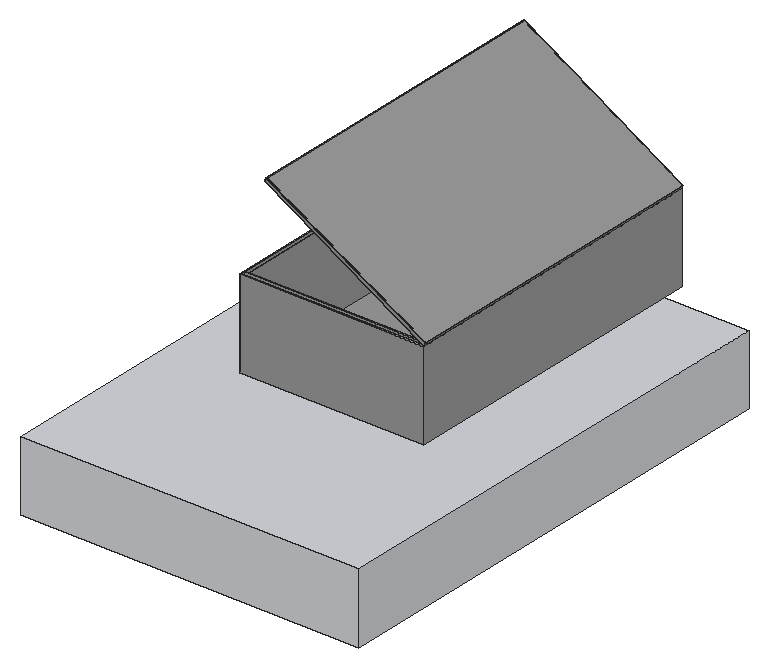
Revit family "Hager-Univers-IP55-D400-H1400-Cl.I-Steel_encl-CH-en", category Equipement électrique, Revit 2020
Family settings
  Hôte = Face
  Configuration du panneau = Deux colonnes, circuits au sein
  Cote de connecteur circulaire = Utiliser le diamètre
  Type d'élément = Tableau de raccordement
  Couper avec des vides une fois chargée = Non
  Partagée = Non
  Point de calcul de pièce = Non
Parameters (values of type "Surface mounted (plaster) IP55 W800 H1400 D400  - FR93G")
  Width Control [instance] = if([EF000008 - Width] > Min Width, [EF000008 - Width], Min Width)  # 800 mm
  Commentaires du type = [HG000003 - Range]  # "Univers"
  Thickness Door [instance] = if([EF009171 - Material plate thickness door/cover] > 3 mm, 3 mm, [EF009171 - Material plate thickness door/cover])  # 1.5 mm
  Seal Frame Offset [instance] = 17 mm  # constant formula
  Plinth Visibility [instance] = [HG000027 - Plinth height] > 0 mm  # no
  Model = ""
  Min Width [instance] = 100 mm  # constant formula
  Min Height [instance] = 100 mm  # constant formula
  Min Depth [instance] = (2 * [EF009170 - Material plate thickness cabinet]) + 1 mm  # 4 mm
  Internal Frame Depth [instance] = (Door System Depth * 0.5)  # 9 mm
  Height Control [instance] = if([EF000040 - Height] > Min Height, [EF000040 - Height], Min Height)  # 1400 mm
  HG000027 - Plinth height = 0 mm
  HG000026 - Floor standing = no
  HG000024 - Bottom section height = 800 mm
  HG000023 - Double section enclosure = no
  HG000016 - Door 3d visibility [instance] = yes
  HG000015 - Clearance visibility [instance] = no
  HG000014 - Door on the right [instance] = yes
  HG000013 - Door on the left [instance] = not([HG000014 - Door on the right])  # no
  HG000012 - Door swing angle [instance] = 30.00°
  HG000010 - Asymmetric doors = no
  HG000009 - Double swing door = no
  HG000006 - Flush mounted = no
  HG000004 - Manufacturer reference = "FR93G"
  HG000003 - Range = "Univers"
  HG000002 - With door or cover = yes
  Frame Offset Bottom [instance] = 10 mm  # constant formula
  Frame Offset [instance] = 15 mm  # constant formula
  EF015940 - Cover with overpressure release = no
  EF011959 - Degree of protection (NEMA) = ""
  EF009554 - Number of openings for flange plates = 6
  EF009212 - Cover model = "EV000116 - Closed"
  EF009171 - Material plate thickness door/cover = 1.5 mm
  EF009170 - Material plate thickness cabinet = 1.5 mm
  Fabricant = "Hager"  # constant formula
  EF008873 - Nominal current (In) = 800 A
  EF007800 - Suitable for lightning protection = no
  EF006306 - With lock = no
  EF006244 - Transparent cover/door = no
  EF005474 - Degree of protection (IP) = "EV006420 - IP55"
  EF004464 - Type of door = "EV002646 - Single"
  EF004427 - Number of modules = 324
  EF004293 - Impact strength = "EV008784 - IK10"
  EF003532 - Suitable for outdoor use = no
  EF002950 - Width in number of modular spacings = 24
  EF001613 - Circuit integrity = "EV000494 - None"
  EF001596 - Material housing = "EV000179 - Steel"
  EF001131 - Internal depth = 400 mm
  EF001088 - Extension possible = yes
  EF000437 - Number of conduit inlets = 6
  EF000339 - Type of cover = "EV004216 - Door"
  EF000266 - Number of rows = 9
  EF000218 - Built-in depth = 0 mm
  EF000118 - With mounting plate = no
  EF000116 - RAL-number = "7035"
  EF000049 - Depth = 400 mm
  EF000040 - Height = 1400 mm
  EF000008 - Width = 800 mm
  EF000007 - Colour = "EV000270 - Grey"
  EF000003 - Mounting method = "EV000384 - Surface mounted (plaster)"
  Door System Leaf Tolerance [instance] = 1.5 mm  # constant formula
  Door System Depth [instance] = 18 mm  # constant formula
  Door Height [instance] = Height Control - [HG000027 - Plinth height]  # 1400 mm
  Depth Control [instance] = if([EF000049 - Depth] > Min Depth, [EF000049 - Depth], Min Depth)  # 400 mm
  Default Elevation = 0 mm
  Connector Offset [instance] = Height Control / 2  # 700 mm
  Bottom Top Plate Trim [instance] = 1.5 mm  # constant formula
  Plinth height Ctrl [instance] = if([HG000027 - Plinth height] > 0 mm, [HG000027 - Plinth height], 12 mm)  # 12 mm
Types (3, lengths in mm): name | Width Control | HG000009 - Double swing door | HG000004 - Manufacturer reference | EF009554 - Number of openings for flange plates | EF004464 - Type of door | EF004427 - Number of modules | EF000437 - Number of conduit inlets | EF000008 - Width
  Surface mounted (plaster) IP55 W1050 H1400 D400  - FR94G | 1050 | yes | "FR94G" | 8 | "EV003602 - Double" | 432 | 8 | 1050
  Surface mounted (plaster) IP55 W550 H1400 D400  - FR92G | 550 | no | "FR92G" | 4 | "EV002646 - Single" | 216 | 4 | 550
  Surface mounted (plaster) IP55 W800 H1400 D400  - FR93G | 800 | no | "FR93G" | 6 | "EV002646 - Single" | 324 | 6 | 800
Reference planes
  plane 1 "Center (Front/Back)": y = 0
  plane 2: z = 0
  plane 3 "Center (Left/Right)": x = 0
  plane 4: z = 400
  plane 5: y = 1.5
  plane 6: y = 700
  plane 7: y = 0
  plane 8: y = 1400
  plane 9: z = 0
  plane 10: x = -385
  plane 11: x = 385
  plane 12: x = 383.5
  plane 13: x = -383.5
  plane 14: y = 1398.5
  plane 15: x = -383
  plane 16: x = -400
  plane 17: x = 383
  plane 18: x = 400
  plane 19: x = 398.5
  plane 20: x = -398.5
  plane 21: y = 11.5
  plane 22: y = 1400
  plane 23: y = 1383.5
  plane 24: z = 382
  plane 25: z = 1.5
  plane 26: z = 380.5
  plane 27: z = 398.5
Forms (mm)
  Extrusion 1, solid
    sketch origin (0, 0, 0) x (1, 0, 0) y (0, 1, 0)
      loop
        line (-702.964, 1305) -> (-702.964, -811.445) -> (766.763, -811.445) -> (766.763, 1305) -> (-702.964, 1305)
    from 0 to -304.8
  Extrusion 2, solid, material "Hager_Steel_RAL7035_Light_Grey", visible <- "Plinth Visibility", detail levels medium+fine
    sketch origin (0, 0, 0) x (1, 0, 0) y (0, 1, 0)
      loop
        line (-400, 0) -> (400, 0) -> (400, 12) -> (-400, 12) -> (-400, 0)
    from 0 to 382
  Extrusion 3, solid, material "Hager_Steel_RAL7035_Light_Grey", detail levels medium+fine
    sketch origin (0, 0, 0) x (1, 0, 0) y (0, 1, 0)
      loop
        line (-400, 0) -> (400, 0) -> (400, 1400) -> (-400, 1400) -> (-400, 0)
    from 0 to 382
  Extrusion 4, void
    sketch origin (0, 0, 0) x (1, 0, 0) y (0, 1, 0)
      loop
        line (-398.5, 1.5) -> (398.5, 1.5) -> (398.5, 1398.5) -> (-398.5, 1398.5) -> (-398.5, 1.5)
    from 1.5 to 380.5
  Extrusion 5, void
    sketch origin (-381.607, -4572, 382) x (0, -1, 0) y (-1, 0, 0)
      loop
        line (-4583.5, 1.893) -> (-5955.5, 1.893) -> (-5955.5, -765.107) -> (-4583.5, -765.107) -> (-4583.5, 1.893)
    from 0 to 1.5 <- "EF009170 - Material plate thickness cabinet"
  Extrusion 6, solid, material "Hager_Steel_RAL7035_Light_Grey", detail levels fine
    sketch origin (0, 0, 382) x (1, 0, 0) y (0, 1, 0)
      loop
        line (-383.5, 1383.5) -> (-383.5, 11.5) -> (383.5, 11.5) -> (383.5, 1383.5) -> (-383.5, 1383.5)
      loop
        line (-385, 10) -> (385, 10) -> (385, 1385) -> (-385, 1385) -> (-385, 10)
    from 0 to 9 <- "Internal Frame Depth"
  Extrusion 7, solid, material "Hager_Steel_RAL7035_Light_Grey", detail levels coarse
    sketch origin (0, 0, 0) x (1, 0, 0) y (0, 1, 0)
      loop
        line (-400, 0) -> (400, 0) -> (400, 1400) -> (-400, 1400) -> (-400, 0)
    from 0 to 400
  Sweep 8, void
    path in 3D
      loop
        line (-400, 12, 0) -> (400, 12, 0) -> (400, 12, 382) -> (-400, 12, 382) -> (-400, 12, 0)
    profile origin (-400, 12, 191) x (-1, 0, 0) y (0, -1, 0)
      loop
        line (0, 0) -> (0, 1.5) -> (-1.5, 1.5)
        arc (-1.5, 1.5) -> (-1.061, 0.439) -> (0, 0) r 1.5
Cuts and joins
  Extrusion 4, Extrusion 5 cuts Extrusion 3
  Sweep 8 cuts Extrusion 2
Lines and regions (mm)
  Masking region 1
    outline origin (0, 0, 0) x (1, 0, 0) y (0, 0, 1)
      loop
        line (-400, 400) -> (-400, 0) -> (400, 0) -> (400, 400) -> (-400, 400)
  Masking region 2, detail levels medium+fine
    outline origin (0, 140, 0) x (0, 1, 0) y (0, 0, 1)
      loop
        line (-140, 0) -> (1260, 0) -> (1260, 382) -> (-140, 382) -> (-140, 0)
  Masking region 3, not visible, detail levels medium+fine
    outline origin (0, 297.922, 0) x (0, 1, 0) y (0, 0, 1)
      loop
        line (413.578, 0) -> (453.578, 0) -> (453.578, 388.5)
        arc (453.578, 388.5) -> (450.649, 395.571) -> (443.578, 398.5) r 10
        line (443.578, 398.5) -> (413.578, 398.5) -> (413.578, 0)
  Masking region 4, detail levels coarse
    outline origin (0, 0, 180) x (0, 1, 0) y (0, 0, 1)
      loop
        line (0, -180) -> (1400, -180) -> (1400, 220) -> (0, 220) -> (0, -180)
  Masking region 5, visible <- "Plinth Visibility", detail levels medium+fine
    outline origin (0, 52.24, 12.345) x (0, 0, -1) y (0, 1, 0)
      loop
        line (10.845, -40.24) -> (-368.155, -40.24)
        arc (-368.155, -40.24) -> (-368.594, -41.301) -> (-369.655, -41.74) r 1.5
        line (-369.655, -41.74) -> (-369.655, -52.24) -> (12.345, -52.24) -> (12.345, -41.74)
        arc (12.345, -41.74) -> (11.285, -41.301) -> (10.845, -40.24) r 1.5
  Masking region 6, detail levels medium+fine
    outline origin (-381.607, -4572, 382) x (-1, 0, 0) y (0, -1, 0)
      loop
        line (18.393, -5972) -> (18.393, -4572) -> (-781.607, -4572) -> (-781.607, -5972) -> (18.393, -5972)
  Masking region 7, visible <- "Plinth Visibility", detail levels medium+fine
    outline origin (-381.607, -4727, 382) x (-1, 0, 0) y (0, -1, 0)
      loop
        arc (16.893, -4739) -> (17.332, -4737.939) -> (18.393, -4737.5) r 1.5
        line (18.393, -4737.5) -> (18.393, -4727) -> (-781.607, -4727) -> (-781.607, -4737.5)
        arc (-781.607, -4737.5) -> (-780.546, -4737.939) -> (-780.107, -4739) r 1.5
        line (-780.107, -4739) -> (16.893, -4739)
  Masking region 8, detail levels coarse
    outline origin (-442.548, -4669.526, 382) x (-1, 0, 0) y (0, -1, 0)
      loop
        line (-42.548, -6069.526) -> (-42.548, -4669.526) -> (-842.548, -4669.526) -> (-842.548, -6069.526) -> (-42.548, -6069.526)
  sketch lines
    curve 1: line (-400, 12, 382) -> (-400, 12, 0)
    curve 2: line (400, 12, 382) -> (-400, 12, 382)
    curve 3: line (400, 12, 382) -> (400, 12, 0)
    curve 4: line (-400, 12, 0) -> (400, 12, 0)
Dimensions and locks
  "Depth Control": plane 4 to Extrusion 1
  "HG000027 - Plinth height": plane 1 "Center (Front/Back)" to plane 7
  "EF009170 - Material plate thickness cabinet": plane 5 to plane 7
  locked: connector elem to plane 3 "Center (Left/Right)"
  equal spacing: plane 8, plane 6, plane 7
  locked: connector elem to plane 6
  "EF009170 - Material plate thickness cabinet": plane 8 to plane 14
  "EF009170 - Material plate thickness cabinet": plane 10 to plane 13
  "EF009170 - Material plate thickness cabinet": plane 12 to plane 11
  "Frame Offset": plane 20 to plane 13
  "Frame Offset": plane 12 to plane 19
  "EF009170 - Material plate thickness cabinet": plane 16 to plane 20
  "EF009170 - Material plate thickness cabinet": plane 19 to plane 18
  "Seal Frame Offset": plane 16 to plane 15
  "Seal Frame Offset": plane 17 to plane 18
  "Frame Offset Bottom": plane 21 to plane 5
  "Frame Offset": plane 14 to plane 23
  equal spacing: plane 16, plane 3 "Center (Left/Right)", plane 18
  "Width Control": plane 16 to plane 18
  "EF009170 - Material plate thickness cabinet": plane 4 to plane 27
  "EF009170 - Material plate thickness cabinet": plane 24 to plane 26
  "EF009170 - Material plate thickness cabinet": plane 25 to level
  "Door System Depth": plane 4 to plane 24
  "Height Control": plane 1 "Center (Front/Back)" to Extrusion 7 sketch curve
  "Height Control": Masking region 4 sketch curve to plane 1 "Center (Front/Back)"
  "Height Control": plane 1 "Center (Front/Back)" to plane 22
  "Bottom Top Plate Trim": profile plane to Sweep 8 sketch curve
  "Bottom Top Plate Trim": Sweep 8 sketch curve to profile plane
  "Plinth height Ctrl": plane 1 "Center (Front/Back)" to Extrusion 2 sketch curve
  "Plinth height Ctrl": Masking region 5 sketch curve to plane 1 "Center (Front/Back)"
  "Plinth height Ctrl": plane 1 "Center (Front/Back)" to Masking region 7 sketch curve
  "Thickness Door": Extrusion 6 sketch curve to Extrusion 6 sketch curve  (x3)
  "Thickness Door": cut or joined group of Extrusion 3, Extrusion 4, Extrusion 5 to Extrusion 6 sketch curve
  radius of Masking region 3 sketch curve = 10 mm
  "Bottom Top Plate Trim": radius of Masking region 5 sketch curve  (x2)
  "Bottom Top Plate Trim": radius of Sweep 8 sketch curve
  "Bottom Top Plate Trim": radius of Masking region 7 sketch curve  (x2)
  aligned and locked: plane 2 to Extrusion 1
  aligned and locked: level to Extrusion 1
  aligned and locked: level to Masking region 1 sketch curve
  aligned and locked: Masking region 1 sketch curve to plane 18
  aligned and locked: Masking region 1 sketch curve to plane 16
  aligned and locked: plane 7 to Masking region 2 sketch curve
  aligned and locked: level to Masking region 3 sketch curve
  aligned and locked: Masking region 3 sketch curve to plane 27
  aligned and locked: level to Masking region 2 sketch curve
  aligned and locked: plane 1 "Center (Front/Back)" to Extrusion 2 sketch curve
  aligned and locked: Extrusion 3 sketch curve to plane 7
  aligned and locked: plane 16 to Extrusion 3 sketch curve
  aligned and locked: plane 18 to Extrusion 3 sketch curve
  aligned and locked: plane 20 to Extrusion 4 sketch curve
  aligned and locked: plane 19 to Extrusion 4 sketch curve
  aligned and locked: Extrusion 4 sketch curve to plane 5
  aligned and locked: Extrusion 4 to plane 25
  aligned and locked: plane 26 to Extrusion 4
  aligned and locked: plane 24 to Extrusion 3
  aligned and locked: Extrusion 5 sketch curve to plane 21
  aligned and locked: Extrusion 5 sketch curve to plane 13
  aligned and locked: Extrusion 5 sketch curve to plane 12
  aligned and locked: plane 18 to Extrusion 7 sketch curve
  aligned and locked: plane 1 "Center (Front/Back)" to Extrusion 7 sketch curve
  aligned and locked: plane 16 to Extrusion 7 sketch curve
  aligned and locked: plane 4 to Extrusion 7
  aligned and locked: Extrusion 7 to level
  aligned and locked: level to Masking region 4 sketch curve
  aligned and locked: Masking region 4 sketch curve to plane 1 "Center (Front/Back)"
  aligned and locked: Masking region 4 sketch curve to plane 4
  aligned and locked: nested 1 to level
  aligned and locked: nested 1 to plane 16
  aligned and locked: plane 8 to Extrusion 3 sketch curve
  aligned and locked: plane 23 to Extrusion 5 sketch curve
  aligned and locked: plane 14 to Extrusion 4 sketch curve
  aligned and locked: Masking region 2 sketch curve to plane 8
  aligned and locked: level to Masking region 5 sketch curve
  aligned and locked: plane 16 to Extrusion 2 sketch curve
  aligned and locked: plane 18 to Extrusion 2 sketch curve
  aligned and locked: Masking region 5 sketch curve to plane 24
  aligned and locked: Masking region 2 sketch curve to plane 24
  aligned and locked: plane 24 to Extrusion 2
  aligned and locked: profile plane to Sweep 8 sketch curve  (x2)
  aligned and locked: Masking region 6 sketch curve to plane 18
  aligned and locked: Masking region 6 sketch curve to plane 22
  aligned and locked: Masking region 6 sketch curve to plane 16
  aligned and locked: plane 8 to plane 22
  aligned and locked: Masking region 6 sketch curve to plane 7
  aligned and locked: Masking region 7 sketch curve to plane 16
  aligned and locked: Masking region 7 sketch curve to plane 1 "Center (Front/Back)"
  aligned and locked: Masking region 7 sketch curve to plane 18
  aligned and locked: Masking region 8 sketch curve to plane 1 "Center (Front/Back)"
  aligned and locked: Masking region 8 sketch curve to plane 18
  aligned and locked: Masking region 8 sketch curve to plane 22
  aligned and locked: Masking region 8 sketch curve to plane 16
  aligned and locked: nested 2 to plane 7
  aligned and locked: plane 3 "Center (Left/Right)" to nested 2
  aligned and locked: nested 2 to plane 24
  aligned and locked: Extrusion 6 sketch curve to cut or joined group of Extrusion 3, Extrusion 4, Extrusion 5  (x4)
Automatic sketch dimensions
  Extrusion 1 sketch curve to Extrusion 1 sketch curve = 1469.727 mm
  Extrusion 1 sketch curve to Extrusion 1 sketch curve = 2116.445 mm
  Masking region 1 sketch curve to plane 4 = 0 mm
  plane 6 to Masking region 3 sketch curve = 11.5 mm
  Masking region 3 sketch curve to Masking region 3 sketch curve = 30 mm
  Masking region 5 sketch curve to plane 1 "Center (Front/Back)" = 0 mm
Nested families
  nested 1: "Hager_Enclosure_Symbol" at (-400, 0, 0) x (1, 0, 0) z (0, -1, 0), Height <- "Depth Control", Width <- "Width Control", type "Hager_Enclosure_Symbol"
    with Width_Ctrl 800 mm, Width 800 mm, Height_Ctrl 400 mm, Height 400 mm, A_Width_Int 26.25 mm, A_Width 315 mm, A_Height_Ctrl 350 mm, A_Height 350 mm
  nested 2: "EC000058_Univers_Door" at (0, 0, 382) x (1, 0, 0) z (0, 1, 0), Leaf_Tolerance <- "Door System Leaf Tolerance", Angle <- "HG000012 - Door swing angle", Door_Depth <- "Door System Depth", Door_Left <- "HG000013 - Door on the left", Transparent <- "EF006244 - Transparent cover/door", Assymetrical <- "HG000010 - Asymmetric doors", Width <- "Width Control", Clearance <- "HG000015 - Clearance visibility", Double <- "HG000009 - Double swing door", 3d_Door <- "HG000016 - Door 3d visibility", Lock_Visibility <- "EF006306 - With lock", Width_Ctrl <- "Width Control", Door_Right <- "HG000014 - Door on the right", Door <- "HG000002 - With door or cover", Height <- "Door Height", Thickness <- "Thickness Door", type "EC000058_Univers_Door", detail levels medium+fine
    with min_wh 4 mm, Width_Ctrl 800 mm, Width 800 mm, Transparent no, Thickness 1.5 mm, Seal_Material Hager_Rubber, Lock_Visibility no, Lock_Material Hager_Plastic_RAL9005_Jet_Black, Leaf_Width 800 mm, Leaf_Tolerance_External_Sides 0 mm, Leaf_Tolerance 1.5 mm, Leaf_Offset 0 mm, Leaf_Height 1397 mm, Leaf_2_Width 800 mm, Leaf_2_Offset 400 mm, Leaf_1_Width 800 mm, Leaf_1_Offset 400 mm, Height_Ctrl 1400 mm, Height 1400 mm, Glass_Material Hager_Glass, Double_Clearance_Ctrl no, Double no, Door_Right_Ctrl yes, Door_Right yes, Door_Material Hager_Steel_RAL7035_Light_Grey, Door_Left_Ctrl no, Door_Left no, Door_Depth 18 mm, Door yes, Clearance_Material Hager_Clearance, Clearance_Depth 800 mm, Clearance_Ctrl no, Clearance no, Assymetrical no, Angle 30.00°, 3d_Door yes
Connectors
  electrical at (0, 700, 0)
    settings: on plane 9, index 1, voltage 0 V, apparent load 0 VA, apparent load phase1 0 VA, apparent load phase2 0 VA, apparent load phase3 0 VA, power factor 1, load classification "Other", number of poles 1, system type 30, power factor state 1, is connector primary yes, connector utility no, sub classification motor no, connector description ""
Definition of nested family "EC000058_Univers_Door"
  Parameters (values of type "EC000058_Univers_Door")
    min_wh [instance] = (2 * Thickness) + 1 mm  # 11 mm
    Width_Ctrl [instance] = 400 mm
    Width [instance] = 500 mm
    Transparent [instance] = yes
    Thickness [instance] = 5 mm
    Seal_Material [instance] = none
    Lock_Visibility [instance] = yes
    Lock_Material [instance] = none
    Leaf_Width [instance] = if((Width_Ctrl - 2 * Leaf_Tolerance_External_Sides) > 0 mm, (Width_Ctrl - 2 * Leaf_Tolerance_External_Sides), min_wh)  # 400 mm
    Leaf_Tolerance_External_Sides [instance] = 0 mm  # constant formula
    Leaf_Tolerance [instance] = 1.5 mm
    Leaf_Offset [instance] = 0 mm  # constant formula
    Leaf_Height [instance] = if((Height_Ctrl - 2 * Leaf_Tolerance) > 0 mm, (Height_Ctrl - 2 * Leaf_Tolerance), min_wh)  # 497 mm
    Leaf_2_Width [instance] = if(and(and(Double, Assymetrical), Door_Left), (Leaf_Width / 3) - (Leaf_Tolerance / 2), if(and(and(Double, Assymetrical), Door_Right), (Leaf_Width / 3) * 2 - (Leaf_Tolerance / 2), if(and(Double, not(Assymetrical)), (Leaf_Width / 2) - Leaf_Tolerance, Leaf_Width)))  # 400 mm
    Leaf_2_Offset [instance] = if(and(Double, Assymetrical), Leaf_2_Width / 2, if(and(Double, not(Assymetrical)), Leaf_Width / 4, Leaf_Width / 2))  # 200 mm
    Leaf_1_Width [instance] = if(and(and(Double, Assymetrical), Door_Right), (Leaf_Width / 3) - (Leaf_Tolerance / 2), if(and(and(Double, Assymetrical), Door_Left), (Width / 3) * 2 - (Leaf_Tolerance / 2), if(and(Double, not(Assymetrical)), (Leaf_Width / 2) - Leaf_Tolerance, Leaf_Width)))  # 400 mm
    Leaf_1_Offset [instance] = if(and(Double, Assymetrical), Leaf_1_Width / 2, if(and(Double, not(Assymetrical)), Leaf_Width / 4, Leaf_Width / 2))  # 200 mm
    Height_Ctrl [instance] = if(Height > min_wh, Height, min_wh)  # 500 mm
    Height [instance] = 500 mm
    Glass_Material [instance] = none
    Double_Clearance_Ctrl [instance] = and(Double, Clearance)  # no
    Double [instance] = no
    Door_Right_Ctrl [instance] = and(or(Door_Right, Double), Door)  # yes
    Door_Right [instance] = yes
    Door_Material [instance] = none
    Door_Left_Ctrl [instance] = and(or(Door_Left, Double), Door)  # no
    Door_Left [instance] = no
    Door_Depth [instance] = 30 mm
    Door [instance] = yes
    Default Elevation = 1219.2 mm
    Clearance_Material [instance] = none
    Clearance_Depth [instance] = if(Leaf_1_Width > Leaf_2_Width, Leaf_1_Width, Leaf_2_Width)  # 400 mm
    Clearance_Ctrl [instance] = and(not(Double), Clearance)  # yes
    Clearance [instance] = yes
    Assymetrical [instance] = yes
    Angle [instance] = 30.00°
    3d_Door [instance] = yes
  Reference planes
    plane 1 "Center (Front/Back)": y = 0
    plane 2 "Bottom": z = 0
    plane 3 "Center (Left/Right)": x = 0
    plane 4: z = 500
    plane 5: x = -200
    plane 6: x = 200
    plane 7: z = 500
    plane 8: x = -200
    plane 9: z = 0
    plane 10: x = 200
    plane 11: y = 0
    plane 12: z = 1.5
    plane 13: x = -600
    plane 14: y = -400
    plane 15: x = 600
    plane 16: x = 0
    plane 17: x = 0
    plane 18: x = -200
    plane 19: x = 200
    plane 20: z = 498.5
  Forms (mm)
    Extrusion 1, solid, material <- "Clearance_Material", visible <- "Double_Clearance_Ctrl"
      sketch origin (1200, 0, 0) x (1, 0, 0) y (0, 0, -1)
        loop
          line (-1800, -498.5) -> (-600, -498.5) -> (-600, 0) -> (-1800, 0) -> (-1800, -498.5)
      from 0 to -400
  Dimensions and locks
    equal spacing: plane 5, plane 3 "Center (Left/Right)", plane 6
    "Width_Ctrl": plane 5 to plane 6
    "Leaf_Offset": plane 5 to plane 8
    "Leaf_Offset": plane 6 to plane 10
    "Leaf_Offset": plane 9 to level
    "Leaf_Offset": plane 4 to plane 7
    "Height_Ctrl": plane 4 to level
    "Leaf_Tolerance": plane 12 to plane 9
    locked: plane 11 to plane 1 "Center (Front/Back)"
    "Leaf_1_Offset": plane 18 to plane 16
    "Leaf_2_Offset": plane 17 to plane 19
    "Leaf_1_Width": plane 13 to plane 8
    "Leaf_2_Width": plane 10 to plane 15
    "Clearance_Depth": plane 14 to plane 1 "Center (Front/Back)"
    "Leaf_Tolerance_External_Sides": plane 8 to plane 18
    "Leaf_Tolerance_External_Sides": plane 19 to plane 10
    "Leaf_Tolerance": plane 7 to plane 20
    aligned and locked: level to plane 2 "Bottom"
    aligned and locked: nested 1 to plane 16
    aligned and locked: nested 2 to plane 17
    aligned and locked: Extrusion 1 to plane 13
    aligned and locked: plane 15 to Extrusion 1
    aligned and locked: Extrusion 1 to plane 14
    aligned and locked: plane 12 to nested 1
    aligned and locked: nested 2 to plane 12
    aligned and locked: Extrusion 1 to plane 11
    aligned and locked: plane 20 to Extrusion 1
    aligned and locked: nested 2 to plane 11
    aligned and locked: nested 1 to plane 11
  Automatic sketch dimensions
    Extrusion 1 sketch curve to level = 0 mm
    plane 5 to Extrusion 1 sketch curve = 400 mm
    plane 6 to Extrusion 1 sketch curve = 400 mm
    Extrusion 1 sketch curve to plane 4 = 1.5 mm
  Nested families
    nested 1: "EC000058_Univers_Door_Leaf" at (0, 0, 1.5), Width <- "Leaf_1_Width", visible <- "Door_Left_Ctrl", Leaf_Height <- "Leaf_Height", Angle <- "Angle", 3d_Door <- "3d_Door", Transparent <- "Transparent", Clearance Material <- "Clearance_Material", Clearance <- "Clearance_Ctrl", Door_Material <- "Door_Material", Glass_Material <- "Glass_Material", Door_Depth <- "Door_Depth", Lock_Material <- "Lock_Material", Seal_Material <- "Seal_Material", Lock_Visibility <- "Lock_Visibility", Thickness <- "Thickness", type "EC000058_Univers_Door_Leaf"
      with Width 400 mm, Transparent_Glass_Offset 30 mm, Transparent_Ctrl yes, Transparent yes, Thickness 5 mm, Standard no, Seal_Material none, Seal_D2 8 mm, Seal_D1 1 mm, Offset_Internal_Frame 10 mm, Lock_Width 20 mm, Lock_Visibility_3d yes, Lock_Visibility yes, Lock_Thickness_3 3 mm, Lock_Thickness_2 1 mm, Lock_Thickness_1 3 mm, Lock_Radius_Offset_2 16 mm, Lock_Radius_Offset_1 15 mm, Lock_Radius_2 5 mm, Lock_Radius 6 mm, Lock_Offset 5 mm, Lock_Material none, Lock_Height 80 mm, Lock_Cover_Top_Offset_2d 17 mm, Lock_Cover_Height -65 mm, Leaf_Height 497 mm, Internal_Seal_Thickness 8 mm, Internal_Seal_Depth_2 4.5 mm, Internal_Frame_Depth 25 mm, Glass_Thickness -1 mm, Glass_Offset -2 mm, Glass_Material none, Door_Material none, Door_Depth 30 mm, Clearance Material none, Clearance yes, Angle_Ctrl 30.00°, Angle 30.00°, 3d_Door yes
    nested 2: "EC000058_Univers_Door_Leaf" at (0, 0, 1.5) x (-1, 0, 0) z (0, 0, 1), Width <- "Leaf_2_Width", visible <- "Door_Right_Ctrl", Leaf_Height <- "Leaf_Height", Angle <- "Angle", 3d_Door <- "3d_Door", Transparent <- "Transparent", Clearance Material <- "Clearance_Material", Clearance <- "Clearance_Ctrl", Door_Material <- "Door_Material", Glass_Material <- "Glass_Material", Door_Depth <- "Door_Depth", Lock_Material <- "Lock_Material", Seal_Material <- "Seal_Material", Lock_Visibility <- "Lock_Visibility", Thickness <- "Thickness", type "EC000058_Univers_Door_Leaf"
      with Width 400 mm, Transparent_Glass_Offset 30 mm, Transparent_Ctrl yes, Transparent yes, Thickness 5 mm, Standard no, Seal_Material none, Seal_D2 8 mm, Seal_D1 1 mm, Offset_Internal_Frame 10 mm, Lock_Width 20 mm, Lock_Visibility_3d yes, Lock_Visibility yes, Lock_Thickness_3 3 mm, Lock_Thickness_2 1 mm, Lock_Thickness_1 3 mm, Lock_Radius_Offset_2 16 mm, Lock_Radius_Offset_1 15 mm, Lock_Radius_2 5 mm, Lock_Radius 6 mm, Lock_Offset 5 mm, Lock_Material none, Lock_Height 80 mm, Lock_Cover_Top_Offset_2d 17 mm, Lock_Cover_Height -65 mm, Leaf_Height 497 mm, Internal_Seal_Thickness 8 mm, Internal_Seal_Depth_2 4.5 mm, Internal_Frame_Depth 25 mm, Glass_Thickness -1 mm, Glass_Offset -2 mm, Glass_Material none, Door_Material none, Door_Depth 30 mm, Clearance Material none, Clearance yes, Angle_Ctrl 30.00°, Angle 30.00°, 3d_Door yes
  Definition of nested family "EC000058_Univers_Door_Leaf"
    Parameters (values of type "EC000058_Univers_Door_Leaf")
      Width [instance] = 2000 mm
      Transparent_Glass_Offset [instance] = 30 mm
      Transparent_Ctrl [instance] = and(Transparent, [3d_Door])  # yes
      Transparent [instance] = yes
      Thickness [instance] = 5 mm
      Standard [instance] = and(not(Transparent), [3d_Door])  # no
      Seal_Material [instance] = none
      Seal_D2 [instance] = 8 mm  # constant formula
      Seal_D1 [instance] = 1 mm  # constant formula
      Offset_Internal_Frame [instance] = 10 mm  # constant formula
      Lock_Width [instance] = 20 mm  # constant formula
      Lock_Visibility_3d [instance] = and(Lock_Visibility, [3d_Door])  # yes
      Lock_Visibility [instance] = yes
      Lock_Thickness_3 [instance] = 3 mm  # constant formula
      Lock_Thickness_2 [instance] = 1 mm  # constant formula
      Lock_Thickness_1 [instance] = 3 mm  # constant formula
      Lock_Radius_Offset_2 [instance] = Lock_Radius_Offset_1 + 1 mm  # 16 mm
      Lock_Radius_Offset_1 [instance] = 15 mm  # constant formula
      Lock_Radius_2 [instance] = Lock_Radius - 1 mm  # 5 mm
      Lock_Radius [instance] = 6 mm  # constant formula
      Lock_Offset [instance] = 5 mm  # constant formula
      Lock_Material [instance] = none
      Lock_Height [instance] = 80 mm  # constant formula
      Lock_Cover_Top_Offset_2d [instance] = Lock_Radius_Offset_2 + 1 mm  # 17 mm
      Lock_Cover_Height [instance] = -(Lock_Height - Lock_Radius_Offset_1)  # -65 mm
      Leaf_Height [instance] = 2720.336 mm
      Internal_Seal_Thickness [instance] = 8 mm  # constant formula
      Internal_Seal_Depth_2 [instance] = 4.5 mm  # constant formula
      Internal_Frame_Depth [instance] = if(Door_Depth - Thickness > 5 mm, Door_Depth - Thickness, 5 mm)  # 25 mm
      Glass_Thickness [instance] = if(Thickness > 15 mm, Glass_Offset + 10 mm, -1 mm)  # -1 mm
      Glass_Offset [instance] = if(Thickness > 15 mm, -(Thickness + 10 mm) / 2, -2 mm)  # -2 mm
      Glass_Material [instance] = none
      Door_Material [instance] = none
      Door_Depth [instance] = 30 mm
      Default Elevation = 0 mm
      Clearance Material [instance] = none
      Clearance [instance] = yes
      Angle_Ctrl [instance] = if(Angle > 180.00°, 180.00°, Angle)  # 90.00°
      Angle [instance] = 90.00°
      3d_Door [instance] = yes
    Reference planes
      plane 1 "Center (Front/Back)": y = 0
      plane 2: z = 0
      plane 3 "Center (Left/Right)": x = 0
      plane 4: y = 2000
      plane 5: x = -1000
      plane 6: x = 1000
      plane 7: x = -3000
      plane 8: z = 2720.336
      plane 9: z = 30
      plane 10: z = 2690.336
      plane 11: x = 970
      plane 12: x = -970
      plane 13: y = -3
      plane 14: z = 107.833
      plane 15: y = -5
      plane 16: y = -223.314
      plane 17: x = -1000
      plane 18: z = 1360.168
      plane 19: y = 30
    Forms (mm)
      Extrusion 1, solid, material <- "Clearance Material", visible <- "Clearance"
        sketch origin (0, 0, 0) x (1, 0, 0) y (0, 0, 1)
          loop
            line (-3000, 2720.336) -> (-3000, 0) -> (1000, 0) -> (1000, 2720.336) -> (-3000, 2720.336)
        from 0 to -2000
      Extrusion 2, solid, material <- "Door_Material", visible <- "Standard", detail levels medium+fine
        sketch origin (-1000, 0, 0) x (0, 1, 0) y (-1, 0, 0)
          loop
            line (0, 30) -> (0, 25) -> (2000, 25) -> (2000, 30) -> (0, 30)
        from 0 to 2720.336 <- "Leaf_Height"
      Extrusion 3, solid, material <- "Door_Material", visible <- "Transparent_Ctrl", detail levels medium+fine
        sketch origin (-1000, 0, 0) x (0, 1, 0) y (-1, 0, 0)
          loop
            line (0, 25) -> (2000, 25) -> (2000, 30) -> (0, 30) -> (0, 25)
        from 0 to 2720.336 <- "Leaf_Height"
      Extrusion 4, void
        sketch origin (-1025, 2000, 0) x (0, 1, 0) y (0, 0, -1)
          loop
            line (-30, -2690.336) -> (-30, -30) -> (-1970, -30) -> (-1970, -2690.336) -> (-30, -2690.336)
        from 0 to 5 <- "Thickness"
      Sweep 5, solid, material <- "Seal_Material", visible <- "Transparent_Ctrl", detail levels fine
        path in 3D
          loop
            line (-1025, 30, 30) -> (-1025, 30, 2690.336) -> (-1025, 1970, 2690.336) -> (-1025, 1970, 30) -> (-1025, 30, 30)
        profile origin (-1025, 1000, 30) x (1, 0, 0) y (0, 0, 1)
          loop
            line (0, 0) -> (0, -8) -> (1, -8) -> (1, 0) -> (0, 0)
      Extrusion 6, solid, material <- "Glass_Material", visible <- "Transparent_Ctrl", detail levels medium+fine
        sketch origin (-1030, 0, 0) x (0, 1, 0) y (0, 0, -1)
          loop
            line (1970, -2690.336) -> (1970, -30) -> (30, -30) -> (30, -2690.336) -> (1970, -2690.336)
        from -2 <- "Glass_Offset" to -1 <- "Glass_Thickness"
      Extrusion 7, solid, material <- "Door_Material", visible <- "3d_Door", detail levels medium+fine
        sketch origin (-1025, 2000, 0) x (0, -1, 0) y (0, 0, -1)
          loop
            line (0, -2720.336) -> (2000, -2720.336) -> (2000, 0) -> (0, 0) -> (0, -2720.336)
          loop
            line (1995, -5) -> (5, -5) -> (5, -2715.336) -> (1995, -2715.336) -> (1995, -5)
        from 0 to 25 <- "Internal_Frame_Depth"
      Sweep 8, solid, material <- "Seal_Material", visible <- "Transparent_Ctrl", detail levels fine
        path in 3D
          loop
            line (-1025, 0, 0) -> (-1025, 2000, 0) -> (-1025, 2000, 2720.336) -> (-1025, 0, 2720.336) -> (-1025, 0, 0)
        profile origin (-1025, 0, 1360.168) x (1, 0, 0) y (0, 1, 0)
          loop
            line (0, 10) -> (2.975, 10)
            arc (2.975, 10) -> (4.053, 10.447) -> (4.5, 11.525) r 1.525
            line (4.5, 11.525) -> (4.5, 16.527)
            arc (4.5, 16.527) -> (4.069, 17.569) -> (3.027, 18) r 1.473
            line (3.027, 18) -> (0, 18) -> (0, 10)
      Extrusion 9, solid, material <- "Lock_Material", visible <- "Lock_Visibility_3d", detail levels fine
        sketch origin (-1030, 0, 0) x (0, 1, 0) y (0, 0, -1)
          loop
            arc (1993.5, -1400.168) -> (1994.561, -1399.729) -> (1995, -1398.668) r 1.5
            line (1995, -1398.668) -> (1995, -1320.168) -> (1975, -1320.168) -> (1975, -1398.668)
            arc (1975, -1398.668) -> (1975.439, -1399.729) -> (1976.5, -1400.168) r 1.5
            line (1976.5, -1400.168) -> (1993.5, -1400.168)
        from 3 <- "Lock_Thickness_1" to 0
      Blend 10, solid, material <- "Lock_Material", visible <- "Lock_Visibility_3d", detail levels fine
        base sketch origin (-1033, 0, 0) x (0, 1, 0) y (0, 0, -1)
          loop
            line (1975, -1320.168) -> (1975, -1398.668)
            arc (1975, -1398.668) -> (1975.439, -1399.729) -> (1976.5, -1400.168) r 1.5
            line (1976.5, -1400.168) -> (1993.5, -1400.168)
            arc (1993.5, -1400.168) -> (1994.561, -1399.729) -> (1995, -1398.668) r 1.5
            line (1995, -1398.668) -> (1995, -1320.168) -> (1975, -1320.168)
        top sketch origin (-1033, 0, 0) x (0, 1, 0) y (0, 0, -1)
          loop
            line (1976, -1320.168) -> (1976, -1398.668)
            arc (1976, -1398.668) -> (1976.146, -1399.022) -> (1976.5, -1399.168) r 0.5
            line (1976.5, -1399.168) -> (1993.5, -1399.168)
            arc (1993.5, -1399.168) -> (1993.854, -1399.022) -> (1994, -1398.668) r 0.5
            line (1994, -1398.668) -> (1994, -1320.168) -> (1976, -1320.168)
        from 0 to 1 <- "Lock_Thickness_2"
      Blend 11, solid, material <- "Lock_Material", visible <- "Lock_Visibility_3d", detail levels fine
        base sketch origin (-1034, 0, 0) x (0, 1, 0) y (0, 0, -1)
          loop
            line (1978, -1320.168) -> (1978, -1384.168)
            arc (1978, -1384.168) -> (1985, -1391.168) -> (1992, -1384.168) r 7
            line (1992, -1384.168) -> (1992, -1320.168) -> (1978, -1320.168)
        top sketch origin (-1034, 0, 0) x (0, 1, 0) y (0, 0, -1)
          loop
            line (1991, -1320.168) -> (1979, -1320.168) -> (1979, -1383.168)
            arc (1979, -1383.168) -> (1985, -1389.168) -> (1991, -1383.168) r 6
            line (1991, -1383.168) -> (1991, -1320.168)
        from 0 to 3 <- "Lock_Thickness_3"
      Extrusion 12, solid, material <- "Lock_Material", visible <- "Lock_Visibility_3d", detail levels fine
        sketch origin (-1030, 1975, 1320.168) x (1, 0, 0) y (0, -1, 0)
          loop
            line (-7, -19) -> (-7, -1) -> (0, -1) -> (0, 0) -> (-8, 0) -> (-8, -20) -> (0, -20) -> (0, -19) -> (-7, -19)
        from 0 to -65 <- "Lock_Cover_Height"
      Extrusion 13, void
        sketch origin (-1038, 1995, 1320.168) x (-1, 0, 0) y (0, 0, -1)
          loop
            line (-5, -65) -> (0, -65) -> (-5, -60) -> (-5, -65)
        from 0 to 20 <- "Lock_Width"
      Extrusion 14, void
        sketch origin (-1038, 1975, 1320.168) x (0, -1, 0) y (0, 0, -1)
          loop
            circle (-10, -15.995) r 6
          loop
            circle (-10, -15.995) r 5
        from 0 to 2
      Extrusion 15, solid, material <- "Lock_Material", visible <- "Lock_Visibility_3d", detail levels medium
        sketch origin (-1030, 0, 0) x (0, 1, 0) y (0, 0, -1)
          loop
            arc (1993.5, -1400.168) -> (1994.561, -1399.729) -> (1995, -1398.668) r 1.5
            line (1995, -1398.668) -> (1995, -1320.168) -> (1975, -1320.168) -> (1975, -1398.668)
            arc (1975, -1398.668) -> (1975.439, -1399.729) -> (1976.5, -1400.168) r 1.5
            line (1976.5, -1400.168) -> (1993.5, -1400.168)
        from 8 to 0
    Cuts and joins
      Extrusion 4 cuts Extrusion 3
      Extrusion 13, Extrusion 14 cuts Extrusion 9
      Extrusion 14 cuts Blend 11
      Extrusion 13, Extrusion 14 cuts Extrusion 12
      joined: Extrusion 9, Blend 10, Blend 11, Extrusion 12
      Extrusion 14 cuts Extrusion 15
    Lines and regions (mm)
      Masking region 1, visible <- "Lock_Visibility", detail levels fine
        outline origin (0, 0, 0) x (0, 1, 0) y (0, 0, 1)
          loop
            line (30, 1320.168) -> (33, 1320.168) -> (33, 1400.168) -> (30, 1400.168) -> (30, 1320.168)
      Masking region 2, visible <- "Lock_Visibility", detail levels fine
        outline origin (0, 3.143, 0) x (0, 1, 0) y (0, 0, 1)
          loop
            line (29.857, 1354.168) -> (30.857, 1354.168) -> (30.857, 1366.168) -> (29.857, 1366.168) -> (29.857, 1354.168)
      Masking region 3, detail levels medium+fine
        outline origin (0, 0, 0) x (0, 1, 0) y (0, 0, 1)
          loop
            line (0, 0) -> (30, 0) -> (30, 2720.336) -> (0, 2720.336) -> (0, 0)
      Masking region 4, detail levels medium+fine
        outline origin (0, 0, 0) x (1, 0, 0) y (0, 0, 1)
          loop
            line (-1000, 2720.336) -> (-1000, 0) -> (1000, 0) -> (1000, 2720.336) -> (-1000, 2720.336)
      Masking region 5, visible <- "Lock_Visibility", detail levels fine
        outline origin (-47.116, 0, 0) x (1, 0, 0) y (0, 0, 1)
          loop
            arc (1024.616, 1399.168) -> (1023.556, 1398.729) -> (1023.116, 1397.668) r 1.5
            line (1023.116, 1397.668) -> (1023.116, 1320.168) -> (1041.116, 1320.168) -> (1041.116, 1397.668)
            arc (1041.116, 1397.668) -> (1040.677, 1398.729) -> (1039.616, 1399.168) r 1.5
            line (1039.616, 1399.168) -> (1024.616, 1399.168)
      Masking region 6, visible <- "Lock_Visibility", detail levels medium+fine
        outline origin (-25, 0, 0) x (1, 0, 0) y (0, 0, 1)
          loop
            arc (1001.5, 1400.168) -> (1000.439, 1399.729) -> (1000, 1398.668) r 1.5
            line (1000, 1398.668) -> (1000, 1320.168) -> (1020, 1320.168) -> (1020, 1398.668)
            arc (1020, 1398.668) -> (1019.561, 1399.729) -> (1018.5, 1400.168) r 1.5
            line (1018.5, 1400.168) -> (1001.5, 1400.168)
      Masking region 7, visible <- "Lock_Visibility", detail levels fine
        outline origin (-73.735, 0, 0) x (1, 0, 0) y (0, 0, 1)
          loop
            line (1051.735, 1382.168) -> (1065.735, 1382.168) -> (1065.735, 1384.168)
            arc (1065.735, 1384.168) -> (1058.735, 1391.168) -> (1051.735, 1384.168) r 7
            line (1051.735, 1384.168) -> (1051.735, 1382.168)
      Masking region 8, visible <- "Lock_Visibility", detail levels fine
        outline origin (-73.735, 0, 0) x (1, 0, 0) y (0, 0, 1)
          loop
            line (1052.735, 1382.168) -> (1064.735, 1382.168) -> (1064.735, 1383.168)
            arc (1064.735, 1383.168) -> (1058.735, 1389.168) -> (1052.735, 1383.168) r 6
            line (1052.735, 1383.168) -> (1052.735, 1382.168)
      Masking region 9, visible <- "Lock_Visibility", detail levels fine
        outline origin (-25, 0, 0) x (1, 0, 0) y (0, 0, 1)
          loop
            line (1020, 1320.168) -> (1020, 1382.168) -> (1000, 1382.168) -> (1000, 1320.168) -> (1020, 1320.168)
      Masking region 10, detail levels medium+fine
        outline origin (0, 0, 0) x (1, 0, 0) y (0, 0, 1)
          loop
            circle (985, 1335.144) r 6
      Masking region 11, detail levels fine
        outline origin (0, 0, 0) x (1, 0, 0) y (0, 0, 1)
          loop
            circle (985, 1335.144) r 5
      Masking region 12, visible <- "Lock_Visibility", detail levels fine
        outline origin (0, 12.767, 0) x (0, 1, 0) y (0, 0, 1)
          loop
            line (20.233, 1320.168) -> (21.233, 1320.168) -> (21.233, 1399.168) -> (20.233, 1400.168) -> (20.233, 1320.168)
      Masking region 13, visible <- "Lock_Visibility", detail levels fine
        outline origin (0, 13.767, -10) x (0, 1, 0) y (0, 0, 1)
          loop
            line (20.233, 1330.168) -> (23.233, 1330.168) -> (23.233, 1399.168) -> (20.233, 1402.168) -> (20.233, 1330.168)
      Masking region 14, visible <- "Lock_Visibility", detail levels fine
        outline origin (0, 12.767, -10) x (0, 1, 0) y (0, 0, 1)
          loop
            line (20.233, 1330.168) -> (25.233, 1330.168) -> (25.233, 1399.305) -> (20.233, 1394.305) -> (20.233, 1330.168)
      Masking region 15, visible <- "Lock_Visibility", detail levels medium
        outline origin (0, 0, 0) x (0, 1, 0) y (0, 0, 1)
          loop
            line (30, 1320.168) -> (38, 1320.168) -> (38, 1400.168) -> (30, 1400.168) -> (30, 1320.168)
      Masking region 16, visible <- "Lock_Visibility", detail levels fine
        outline origin (-1000, 0, 0) x (0, 1, 0) y (-1, 0, 0)
          loop
            line (1975, 30) -> (1995, 30) -> (1995, 38) -> (1975, 38) -> (1975, 30)
          loop
            line (1979, 37) -> (1976, 37) -> (1976, 34) -> (1978, 34) -> (1979, 37)
          loop
            line (1994, 37) -> (1991, 37) -> (1992, 34) -> (1994, 34) -> (1994, 37)
      Masking region 17, visible <- "Lock_Visibility", detail levels medium
        outline origin (-1000, 0, 0) x (0, 1, 0) y (-1, 0, 0)
          loop
            line (1975, 30) -> (1995, 30) -> (1995, 38) -> (1975, 38) -> (1975, 30)
      symbolic lines
        curve 1: line (1000, 0, 0) -> (-3000, 0, 0)
        curve 2: arc (1000, 0, 0) -> (-1000, 2000, 0) -> (-3000, 0, 0) r 2000
        curve 4: line (-1030, 0, 0) -> (-1030, 2000, 0)
      reference lines
        curve 3: line (-1000, 0, 0) -> (-1000, 2000, 0)
      symbolic lines, detail levels medium+fine
        curve 5: line (-1030, 2000, 0) -> (-1025, 2000, 0)
        curve 7: line (-1025, 0, 0) -> (-1030, 0, 0)
        curve 8: line (-1025, 0, 0) -> (-1000, 0, 0)
        curve 9: line (-1000, 0, 0) -> (-1000, 2000, 0)
        curve 10: line (-1000, 2000, 0) -> (-1025, 2000, 0)
      symbolic lines, detail levels fine
        curve 6: line (-1025, 2000, 0) -> (-1025, 0, 0)
      sketch lines
        curve 11: line (-1025, 0, 2720.336) -> (-1025, 0, 0)
        curve 12: line (-1025, 2000, 0) -> (-1025, 0, 0)
        curve 13: line (-1025, 2000, 2720.336) -> (-1025, 2000, 0)
        curve 14: line (-1025, 0, 2720.336) -> (-1025, 2000, 2720.336)
        curve 15: line (-1025, 1970, 30) -> (-1025, 30, 30)
        curve 16: line (-1025, 30, 30) -> (-1025, 30, 2690.336)
        curve 17: line (-1025, 1970, 2690.336) -> (-1025, 1970, 30)
        curve 18: line (-1025, 30, 2690.336) -> (-1025, 1970, 2690.336)
      symbolic lines, visible <- "Transparent", detail levels medium+fine
        curve 19: line (-970, 0, 2690.336) -> (970, 0, 2690.336)
        curve 20: line (-970, 0, 30) -> (-970, 0, 2690.336)
        curve 21: line (970, 0, 30) -> (-970, 0, 30)
        curve 22: line (970, 0, 2690.336) -> (970, 0, 30)
    Dimensions and locks
      "Width": plane 1 "Center (Front/Back)" to plane 4
      equal spacing: plane 5, plane 3 "Center (Left/Right)", plane 6
      "Width": plane 5 to plane 6
      "Width": plane 7 to plane 5
      "Leaf_Height": plane 8 to level
      "Width": curve 5 to curve 3
      "Width": curve 3 to curve 3
      plane 8 to plane 10 = 30 mm
      plane 9 to level = 30 mm
      plane 12 to plane 5 = 30 mm
      plane 6 to plane 11 = 30 mm
      Extrusion 1 to Extrusion 4 sketch curve = 30 mm
      "Transparent_Glass_Offset": curve 3 to Extrusion 4 sketch curve
      "Transparent_Glass_Offset": Extrusion 4 sketch curve to cut or joined group of Extrusion 3, Extrusion 4  (x2)
      cut or joined group of Extrusion 3, Extrusion 4 to Extrusion 6 sketch curve = 30 mm
      "Transparent_Glass_Offset": cut or joined group of Extrusion 3, Extrusion 4 to Extrusion 4 sketch curve
      "Thickness": curve 6 to curve 4
      "Thickness": Extrusion 7 sketch curve to Extrusion 7 sketch curve  (x4)
      "Door_Depth": curve 4 to curve 3
      "Offset_Internal_Frame": profile plane to Sweep 8 sketch curve
      "Internal_Seal_Thickness": Sweep 8 sketch curve to Sweep 8 sketch curve
      "Internal_Seal_Depth_2": profile plane to Sweep 8 sketch curve
      "Seal_D1": profile plane to Sweep 5 sketch curve
      "Seal_D2": profile plane to Sweep 5 sketch curve
      "Thickness": Extrusion 2 sketch curve to Extrusion 2 sketch curve
      equal spacing: Extrusion 9 sketch curve, plane 18, Extrusion 9 sketch curve  (x2)
      equal spacing: Masking region 1 sketch curve, plane 18, Masking region 1 sketch curve
      "Lock_Height": Masking region 1 sketch curve to Masking region 1 sketch curve
      "Lock_Radius": Masking region 2 sketch curve to plane 18 to Masking region 2 sketch curve
      Masking region 2 sketch curve to Masking region 1 = 1 mm
      "Door_Depth": plane 19 to plane 1 "Center (Front/Back)"
      "Lock_Thickness_1": Masking region 1 sketch curve to plane 19
      "Lock_Width": Extrusion 9 sketch curve to Extrusion 9 sketch curve
      "Lock_Height": Extrusion 9 sketch curve to Extrusion 9 sketch curve
      "Lock_Offset": cut or joined group of Extrusion 3, Extrusion 4 to Extrusion 9 sketch curve
      equal spacing: plane 8, plane 18, level
      "Lock_Radius_Offset_1": Blend 11 sketch curve to Blend 10
      locked: Blend 10 to Blend 11 sketch curve at 2  (x2)
      locked: var sketch to Blend 11 sketch curve at 1  (x2)
      "Lock_Radius_Offset_2": Blend 11 sketch curve to Blend 10
      locked: Extrusion 12 sketch curve to Extrusion 12 sketch curve at 1  (x3)
      Masking region 6 sketch curve to Masking region 6 sketch curve = 80 mm
      "Lock_Height": Masking region 6 sketch curve to Masking region 6 sketch curve
      "Lock_Width": Masking region 6 sketch curve to Masking region 6 sketch curve
      locked: Masking region 6 to Masking region 5 sketch curve at 1  (x3)
      locked: Masking region 5 to Masking region 7 sketch curve at 2  (x2)
      "Lock_Radius_Offset_1": Masking region 5 to Masking region 7 sketch curve
      "Lock_Radius_Offset_2": Masking region 5 to Masking region 8 sketch curve
      locked: Masking region 7 to Masking region 8 sketch curve at 1  (x2)
      "Lock_Cover_Top_Offset_2d": Masking region 5 to Masking region 9 sketch curve
      equal spacing: Masking region 9, Masking region 10 sketch curve, Masking region 9
      equal spacing: Masking region 9, Masking region 11 sketch curve, Masking region 9
      Extrusion 15 sketch curve to Extrusion 15 sketch curve = 80 mm
      "Lock_Width": Extrusion 15 sketch curve to Extrusion 15 sketch curve
      "Lock_Height": Extrusion 15 sketch curve to Extrusion 15 sketch curve
      equal spacing: Extrusion 15 sketch curve, plane 18, Extrusion 15 sketch curve
      "Lock_Thickness_3": Masking region 13 sketch curve to Masking region 13 sketch curve
      "Lock_Height": Masking region 12 sketch curve to Masking region 12 sketch curve
      locked: Masking region 13 sketch curve to Masking region 1 at 8
      locked: Masking region 14 sketch curve to Masking region 13 at 1
      locked: Masking region 14 sketch curve to Masking region 1 at 10.863
      "Lock_Height": Masking region 15 sketch curve to Masking region 15 sketch curve
      "Lock_Offset": Extrusion 15 sketch curve to cut or joined group of Extrusion 3, Extrusion 4
      "Lock_Offset": plane 6 to Masking region 6 sketch curve
      radius of Sweep 8 sketch curve = 1.525 mm
      radius of Sweep 8 sketch curve = 1.473 mm
      radius of Extrusion 9 sketch curve = 1.5 mm  (x2)
      "Lock_Radius": radius of Extrusion 14 sketch curve
      "Lock_Radius_2": radius of Extrusion 14 sketch curve
      "Lock_Radius": radius of Masking region 10 sketch curve
      "Lock_Radius_2": radius of Masking region 11 sketch curve
      radius of Extrusion 15 sketch curve = 1.5 mm  (x2)
      "Angle_Ctrl": angle plane 1 "Center (Front/Back)" to curve 3
      locked: Masking region 12 sketch curve to Masking region 12 sketch curve (angle 45.00°)
      locked: Masking region 13 sketch curve to Masking region 13 sketch curve (angle 45.00°)
      locked: Masking region 14 sketch curve to Masking region 14 sketch curve (angle 45.00°)
      aligned and locked: level to plane 2
      aligned and locked: Extrusion 1 to curve 1
      aligned and locked: plane 6 to Extrusion 1
      aligned and locked: Extrusion 1 to plane 1 "Center (Front/Back)"
      aligned and locked: plane 4 to Extrusion 1
      aligned and locked: plane 8 to Extrusion 1
      aligned and locked: curve 7 to Extrusion 2 sketch curve
      aligned and locked: curve 5 to Extrusion 2 sketch curve
      aligned and locked: curve 7 to Extrusion 3 sketch curve
      aligned and locked: Extrusion 3 sketch curve to curve 4
      aligned and locked: Extrusion 3 sketch curve to curve 6
      aligned and locked: Extrusion 3 sketch curve to curve 5
      aligned and locked: curve 9 to curve 3
      aligned and locked: Extrusion 7 sketch curve to cut or joined group of Extrusion 3, Extrusion 4  (x4)
      aligned and locked: plane 17 to curve 3
      aligned and locked: plane 1 "Center (Front/Back)" to curve 3
      aligned and locked: plane 17 to plane 5
      aligned and locked: Sweep 8 sketch curve to profile plane
      aligned and locked: Sweep 5 sketch curve to profile plane  (x2)
      aligned and locked: Masking region 1 to Masking region 2 sketch curve
      aligned and locked: plane 19 to Masking region 1 sketch curve
      aligned and locked: plane 1 "Center (Front/Back)" to Masking region 3 sketch curve
      aligned and locked: plane 19 to Masking region 3 sketch curve
      aligned and locked: level to Masking region 3 sketch curve
      aligned and locked: Masking region 3 sketch curve to plane 8
      aligned and locked: plane 17 to Masking region 4 sketch curve
      aligned and locked: level to Masking region 4 sketch curve
      aligned and locked: Masking region 4 sketch curve to plane 8
      aligned and locked: plane 12 to curve 20
      aligned and locked: plane 10 to curve 19
      aligned and locked: plane 11 to curve 22
      aligned and locked: curve 21 to plane 9
      aligned and locked: Extrusion 2 sketch curve to cut or joined group of Extrusion 3, Extrusion 4
      aligned and locked: Blend 10 sketch curve to Extrusion 9  (x4)
      aligned and locked: Extrusion 9 to Blend 10 sketch curve
      aligned and locked: Blend 10 to Blend 11 sketch curve
      aligned and locked: Extrusion 12 sketch curve to Blend 11
      aligned and locked: Extrusion 12 sketch curve to Extrusion 9  (x4)
      aligned and locked: Masking region 5 sketch curve to Masking region 6
      aligned and locked: Masking region 9 sketch curve to Masking region 6  (x3)
      aligned and locked: Masking region 12 sketch curve to Masking region 1
      aligned and locked: Masking region 13 sketch curve to Masking region 1
      aligned and locked: Masking region 12 to Masking region 14
      aligned and locked: Masking region 14 sketch curve to Masking region 1
      aligned and locked: Masking region 15 sketch curve to Masking region 14
      aligned and locked: Masking region 13 sketch curve to Masking region 12
      aligned and locked: Masking region 16 sketch curve to cut or joined group of Extrusion 14, Extrusion 15  (x4)
      aligned and locked: Masking region 16 sketch curve to cut or joined group of Extrusion 9, Blend 10, Blend 11, Extrusion 12, Extrusion 13, Extrusion 14  (x6)
      aligned and locked: cut or joined group of Extrusion 9, Blend 10, Blend 11, Extrusion 12, Extrusion 13, Extrusion 14 to Masking region 16 sketch curve
      aligned and locked: Masking region 17 sketch curve to cut or joined group of Extrusion 14, Extrusion 15  (x3)
      aligned and locked: Masking region 17 sketch curve to cut or joined group of Extrusion 9, Blend 10, Blend 11, Extrusion 12, Extrusion 13, Extrusion 14
      aligned and locked: Masking region 9 to Masking region 8 sketch curve
      aligned and locked: Masking region 9 to Masking region 7 sketch curve
    Automatic sketch dimensions
      plane 1 "Center (Front/Back)" to curve 2 = 0 mm
      curve 2 to plane 5 = 0 mm
      Extrusion 1 sketch curve to level = 0 mm
      Extrusion 1 sketch curve to plane 7 = 0 mm
      Extrusion 1 sketch curve to plane 6 = 0 mm
      Extrusion 1 sketch curve to plane 8 = 0 mm
      Extrusion 3 to Extrusion 6 sketch curve = 30 mm  (x4)
      Masking region 4 sketch curve to plane 6 = 0 mm
      Blend 10 sketch curve to Extrusion 9 = 1.5 mm
      Blend 10 sketch curve to Extrusion 9 = 1 mm
      Extrusion 13 sketch curve to Extrusion 12 = 0 mm  (x2)
      Extrusion 12 to Extrusion 13 sketch curve = 3 mm
      Extrusion 13 sketch curve to Extrusion 12 = 5 mm
      Extrusion 14 sketch curve to Extrusion 14 sketch curve = 0 mm  (x2)
      Extrusion 14 sketch curve to Extrusion 12 = 10 mm
      Extrusion 14 sketch curve to Extrusion 12 = 15.995 mm
      Masking region 5 sketch curve to Masking region 5 sketch curve = 1.5 mm  (x2)
      Masking region 10 sketch curve to plane 18 = 25.024 mm
      Masking region 11 sketch curve to plane 18 = 25.024 mm
      plane 19 to Masking region 14 sketch curve = 3 mm
      Masking region 16 sketch curve to Masking region 16 sketch curve = 3 mm
      curve 4 to curve 3 = 0 mm
      Blend 10 to Blend 11 sketch curve = 0 mm
      Masking region 6 sketch curve to Masking region 6 sketch curve = 1.5 mm  (x2)
      Masking region 6 sketch curve to plane 18 = 40 mm
      plane 19 to Masking region 12 sketch curve = 3 mm
      Masking region 12 sketch curve to Masking region 12 sketch curve = 1 mm
      Masking region 15 sketch curve to plane 19 = 0 mm
      Masking region 15 sketch curve to plane 18 = 40 mm
      radius of Blend 10 sketch curve to Extrusion 9 = 1 mm
Definition of nested family "Hager_Enclosure_Symbol"
  Parameters (values of type "Hager_Enclosure_Symbol")
    Width_Ctrl [instance] = if(Width > 1 mm, Width, 1 mm)  # 102.27 mm
    Width [instance] = 102.27 mm
    Height_Ctrl [instance] = if(Height > 1 mm, Height, 1 mm)  # 66.5 mm
    A_Width_Int [instance] = if(A_Width / 12 > 2 mm, A_Width / 12, 2 mm)  # 4.364 mm
    A_Width [instance] = if(A_Height_Ctrl * 0.9 > 2 mm, A_Height_Ctrl * 0.9, 2 mm)  # 52.369 mm
    A_Height_Ctrl [instance] = if(A_Height > 2 mm, A_Height, 2 mm)  # 58.188 mm
    Height [instance] = 66.5 mm
    A_Height [instance] = Height - (Height / 8)  # 58.188 mm
  Reference planes
    plane 1 "Centre (avant/arrière)": y = 0
    plane 2: z = 0
    plane 3 "Centre (gauche/droite)": x = 0
    plane 4: x = 52.369
    plane 5: y = 33.042
    plane 6: y = 41.77
    plane 7: y = 66.5
    plane 8: x = 26.184
    plane 9: y = 37.406
    plane 10: x = 102.27
    plane 11: y = 66.5
    plane 12: y = 8.313
  Lines and regions (mm)
    Filled region 1, type "Solid_Black", in view "Niveau de réf."
      outline origin (0, 0, 0) x (1, 0, 0) y (0, 1, 0)
        loop
          line (52.369, 66.5) -> (33.188, 54.536) -> (45.365, 45.006) -> (52.369, 66.5)
    Filled region 2, type "Solid_Black", in view "Niveau de réf."
      outline origin (0, 0, 0) x (1, 0, 0) y (0, 1, 0)
        loop
          line (0, 0) -> (102.27, 0) -> (102.27, 66.5) -> (0, 0)
    detail lines, in view "Niveau de réf."
      curve 1: line (0, 8.313, 0) -> (26.184, 41.77, 0)
      curve 2: line (26.184, 41.77, 0) -> (26.184, 33.042, 0)
      curve 3: line (26.184, 33.042, 0) -> (52.369, 66.5, 0)
  Dimensions and locks
    "A_Width": plane 3 "Centre (gauche/droite)" to plane 4
    equal spacing: plane 3 "Centre (gauche/droite)", plane 8, plane 4
    equal spacing: plane 6, plane 9, plane 5
    equal spacing: curve 3, Filled region 1 sketch curve, Filled region 1 sketch curve
    "Height_Ctrl": plane 1 "Centre (avant/arrière)" to plane 11
    "A_Height_Ctrl": plane 11 to plane 12
    equal spacing: plane 11, plane 9, plane 12
    "A_Width_Int": plane 6 to plane 9
    "Width_Ctrl": plane 3 "Centre (gauche/droite)" to plane 10
    angle Filled region 1 sketch curve to curve 3 = 20.00°
    angle curve 3 to Filled region 1 sketch curve = 20.00°
    locked: curve 3 to Filled region 1 sketch curve (angle 90.00°)
    aligned and locked: plane 10 to Filled region 2
    aligned and locked: plane 11 to Filled region 2 sketch curve
    aligned and locked: plane 10 to Filled region 2 sketch curve
    aligned and locked: plane 3 "Centre (gauche/droite)" to curve 1
    aligned and locked: plane 12 to curve 1
    aligned and locked: plane 7 to plane 11
  Automatic sketch dimensions
    Filled region 1 sketch curve to plane 4 = 0 mm
    Filled region 1 sketch curve to plane 7 = 0 mm
    plane 1 "Centre (avant/arrière)" to Filled region 2 sketch curve = 0 mm
    Filled region 2 sketch curve to plane 3 "Centre (gauche/droite)" = 0 mm
    curve 2 to plane 6 = 0 mm
    curve 2 to plane 8 = 0 mm
    curve 3 to plane 4 = 0 mm
    curve 2 to plane 5 = 0 mm
    curve 3 to plane 7 = 0 mm
